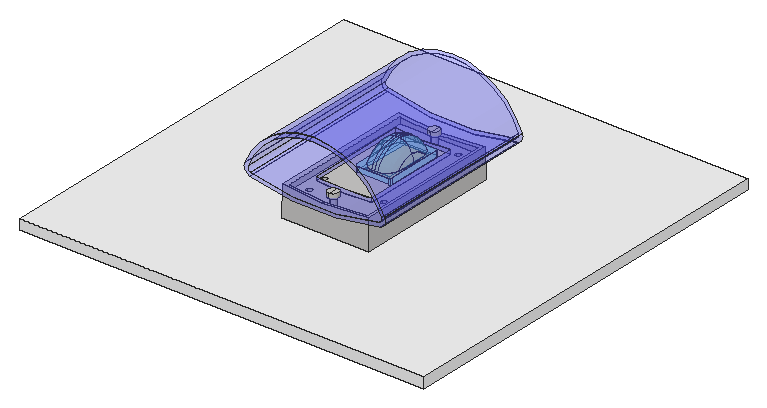
Revit family "BE_50065.2_de_DE", category Leuchten, Revit 2020
Family settings
  Basisbauteil = Fläche
  Bemaßung runder Anschluss = Durchmesser verwenden
  Teiletyp = Normal
  Beim Laden mit Abzugskörper schneiden = Ja
  Lichtquelle = Ja
  Gemeinsam genutzt = Nein
  Raumberechnungspunkt = Ja
Parameters (values of type "BEGA_50065.2_K3")
  built-in parameter 1150104 = 8.3613 (stored number, unit not read)
  Wattage = 12 W
  Default Elevation = 0 mm
  built-in parameter 1150113 = 1 (stored number, unit not read)
  built-in parameter 1114218 = 1 (stored number, unit not read)
  Umgebungstemperatur = "25 °C"
  URL = "https://www.bega.com/de/produkt/50065.2"
  Typenkommentare = "© 2022 BEGA. Wir behalten uns das Recht vor, technische Änderungen ohne vorherige Ankündigung vorzunehmen."  # constant formula
  built-in parameter 1150134 = (empty or 0)
  built-in parameter 1150109 = 1 (stored number, unit not read)
  Strom = ""
  built-in parameter 1150110 = 1 (stored number, unit not read)
  Spannung = 230 V
  Sonderanfertigung = no
  Seriennummer [instance] = "Hier können Sie die eindeutige Seriennummer für das Facility Management eintragen."
  Schutzklasse = "I"
  Schutzart = "IP 20"
  Scheinlast = 0 VA
  Produktdatenblatt = "https://cdn.bega.com/bega/products/50065.2K3/current/documents/data-sheets/de"
  Oberflächentemperatur = ""
  Neigungswinkel = 0.00°
  Modell = "50065.2K3"
  Material_17 = BEGA_Reflektor
  Material_15 = BEGA_Leuchtmedium_matt
  Material_12 = BEGA_Kunststoff_klar
  Material_11 = BEGA_Glas_opal
  Material_09 = BEGA_Glas_klar
  Material_06 = BEGA_Oberfläche_Edelstahl_gebürstet
  Material_05 = BEGA_Oberfläche_Aluminium Guss
  Material_03 = BEGA_Oberfläche_Weiss_matt
  Material_02 = BEGA_Oberfläche_Silber_matt
  Material_01 [instance] = BEGA_Oberfläche_Grafit_matt
  M_W = no
  M_G = no
  M_A = no
  Logo = 0
  built-in parameter 1114217 = 1 (stored number, unit not read)
  built-in parameter 1150139 = (empty or 0)
  built-in parameter 1150105 = 85.944 (stored number, unit not read)
  built-in parameter 1150114 = 1 (stored number, unit not read)
  Lumens = 1080 lm
  built-in parameter 1150115 = 1 (stored number, unit not read)
  Leuchtenlichtstrom = "538 lm"
  Leuchtenanzahl = ""
  Lebensdauerkriterien = "L70B50 @ 25 °C = 85000 h"
  Lastklassifizierung = Beleuchtung
  built-in parameter 1150112 = 1 (stored number, unit not read)
  Lampenlichtstrom = "660 lm"
  Lampe = "LED 7.4 W"
  LED_Modulbezeichnung = "LED-0662/930"
  Hersteller = "BEGA"  # constant formula
  Halbstreuwinkel = ""
  Gewicht = "0.8 kg"
  Gebrauchslageneinschränkung [instance] = ""
  Frequenz = "50/60 Hz"
  Farbwiedergabeindex = "CRI > 90"
  Farbtemperaturverschiebung bei Dämpfen der Lampe = <Keine Auswahl>
  Farbtemperatur = "3000 K"
  Color Filter = 16777215
  built-in parameter 1150133 = 10 (stored number, unit not read)
  Energieeffizienzklasse = "LED A++ - A"
  built-in parameter 1150137 = (empty or 0)
  built-in parameter 1150132 = (empty or 0)
  ENEC = "ja"
  Dimmbar [instance] = "on/off"
  Datei für fotometrisches Netz = "BE_50065.2K3.IES"
  CE_Konformität = "ja"
  Bestellnummer = "50065.2K3"
  Beschreibung_Sonderanfertigung = "Hier können Sie Informationen zur Sonderanfertigung eintragen."
  Beschreibung = "Wandleuchte"
  built-in parameter 1150106 = 0.85944 (stored number, unit not read)
  Befestigungsbohrung = "Ø 5 mm"
  Befestigungsabstand = "115 x 55 mm"
  Ballwurfsicher = ""
  BEGA_Intern_aus = yes
  BEGA_Intern_an = yes
  BEGA_Intern_Konstruktion = yes
  BEGA_Intern = yes
  BEGA_IES = yes
  BEGA_Dummy = no
  Anschlussleitung = ""
  Anschlussleistung [instance] = "7.4 W"
  Anschlusskasten = ""
  built-in parameter 1150107 = 3000 (stored number, unit not read)
  built-in parameter 1150102 = (empty or 0)
  built-in parameter 1150138 = (empty or 0)
  Aktualisierung = "2022-05-18T04:00:07"
  Abstand_zur_angestrahlten_Fläche [instance] = ""
  AC/DC = "AC"
Reference planes
  plane 1 "Mitte (Vorne/Hinten)": y = 0
  plane 2: z = 0
  plane 3 "Mitte (Links/Rechts)": x = 0
  plane 4 "Links": x = -70.001
  plane 5 "Rechts": x = 70.001
  plane 6 "Unten": y = -85
  plane 7 "Oben": y = 85
  plane 8 "Vorne": z = 91.192
  plane 9 "Hinten": z = 0
Forms (mm)
  Extrusion 1, solid, material "BEGA_Platte_Weiss"
    sketch origin (0, -1119.2, 0) x (1, 0, 0) y (0, 1, 0)
      loop
        line (-200, 1319.2) -> (-200, 919.2) -> (200, 919.2) -> (200, 1319.2) -> (-200, 1319.2)
    from 0 to -10
  Extrusion 2, solid, material "BEGA_Dummy_matt", visible <- "BEGA_Dummy"
    sketch origin (80.095, -76.023, 0) x (1, 0, 0) y (0, 1, 0)
      loop
        line (-150.096, 161.023) -> (-150.096, -8.977) -> (-10.095, -8.977) -> (-10.095, 161.023) -> (-150.096, 161.023)
    from 0 to 91.192
Dimensions and locks
  plane 1 "Mitte (Vorne/Hinten)" to Extrusion 1 = 200 mm
  aligned and locked: plane 2 to Extrusion 1
  aligned and locked: level to Extrusion 1
Nested families
  nested 1: "BE_50065.2" at (0, 0, 0), type "BE_50065.2"
Connectors
  electrical at (0, 0, 0), driven by "Lastklassifizierung", driven by "Spannung", driven by "Scheinlast"
    settings: index 1, voltage 230 V, apparent load 0 VA, apparent load phase1 0 VA, apparent load phase2 0 VA, apparent load phase3 0 VA, power factor 1, load classification "Beleuchtung", number of poles 1, system type 31, power factor state 1, is connector primary yes, connector utility no, sub classification motor no, connector description ""
Definition of nested family "BE_50065.2"
  Parameters (values of type "BE_50065.2")
    Default Elevation = 1 mm
    URL = "http://www.bega.de/de/produkt"
    Type Comments = "© 2015 BEGA. Wir behalten uns das Recht vor, technische Änderungen ohne vorherige Ankündigung vorzunehmen. "  # constant formula
    Type Image = (empty or 0)
    Neigungswinkel_um_Z2 = 0.00°
    Neigungswinkel_um_Z1 = 0.00°
    Neigungswinkel_um_Y2 = 0.00°
    Neigungswinkel_um_Y1 = 0.00°
    Neigungswinkel_um_X2 = 0.00°
    Neigungswinkel_um_X1 = 0.00°
    Material_17 = none
    Material_15 = none
    Material_12 = none
    Material_11 = none
    Material_09 = none
    Material_06 = none
    Material_05 = none
    Material_03 = none
    Material_02 = none
    Material_01 = none
    M_W = yes
    M_G = yes
    M_A = yes
    Länge_Platte = 200 mm  # constant formula
    Höhe_Platte = -10 mm  # constant formula
    Manufacturer = "BEGA"  # constant formula
    Drehwinkel_um_Z2 = 0.00°
    Drehwinkel_um_Z1 = 0.00°
    Breite_Platte = 300 mm  # constant formula
  Reference planes
    plane 1 "Mitte (Oben/Unten)": y = 0
    plane 2: z = 0
    plane 3 "Mitte (Links/Rechts)": x = 0
    plane 4: x = -70.001
    plane 5: z = 91.192
    plane 6: x = 70.001
    plane 7: y = -85
    plane 8: y = 85
  Forms (mm)
    Extrusion 1, solid, detail levels medium
      sketch origin (0, 0, 0) x (1, 0, 0) y (0, 1, 0)
        loop
          line (-100, 150) -> (-100, -150) -> (100, -150) -> (100, 150) -> (-100, 150)
      from 0 to -10 <- "Höhe_Platte"
    Sweep 2, solid, material <- "Material_06", detail levels medium+fine
      path origin (0, 0, 0) x (1, 0, 0) y (0, 1, 0)
        loop
          line (-43, 72.5) -> (-43, -72.5) -> (43, -72.5) -> (43, 72.5) -> (-43, 72.5)
      profile origin (-43, 0, 0) x (1, 0, 0) y (0, 0, 1)
        loop
          line (0, 0) -> (3, 0) -> (3.49, 14.036)
          arc (3.49, 14.036) -> (3.795, 14.72) -> (4.49, 15) r 1
          line (4.49, 15) -> (41.372, 15) -> (41.372, 23) -> (4.066, 23) -> (3.834, 29.636) -> (0.517, 29.636) -> (0, 0)
    Extrusion 3, void
      sketch origin (0, 0, 0) x (1, 0, 0) y (0, 1, 0)
        loop
          circle (27.5, 57.5) r 2.605
        loop
          circle (-27.5, -57.5) r 2.605
        loop
          circle (29.5, -36.5) r 2.518
        loop
          circle (-29.5, -36.5) r 2.518
      from -0.512 to 23.779
    Extrusion 4, solid, material <- "Material_06", detail levels medium+fine
      sketch origin (0, 0, 0) x (1, 0, 0) y (0, 0, 1)
        loop
          line (-2.307, 23) -> (-2.307, 15) -> (3.665, 15) -> (3.665, 23) -> (-2.307, 23)
      from -31.128 to 31.128
    Revolve 5, solid, material <- "Material_06", detail levels medium+fine
      sketch origin (0, -57.5, 0) x (1, 0, 0) y (0, 0, 1)
        loop
          line (-35.973, 14.036) -> (-35.567, 2.43)
          arc (-35.567, 2.43) -> (-34.958, 1.061) -> (-33.569, 0.5) r 2
          line (-33.569, 0.5) -> (-27.5, 0.5) -> (-27.5, 15) -> (-36.972, 15)
          arc (-36.972, 15) -> (-36.278, 14.72) -> (-35.973, 14.036) r 1
        axis (-27.5, 15) -> (-27.5, 0.5)
      angle from 0 to 360
    Revolve 6, solid, material <- "Material_06", detail levels medium+fine
      sketch origin (55, 57.5, 0) x (1, 0, 0) y (0, 0, 1)
        loop
          line (-35.973, 14.036) -> (-35.567, 2.43)
          arc (-35.567, 2.43) -> (-34.958, 1.061) -> (-33.569, 0.5) r 2
          line (-33.569, 0.5) -> (-27.5, 0.5) -> (-27.5, 15) -> (-36.972, 15)
          arc (-36.972, 15) -> (-36.278, 14.72) -> (-35.973, 14.036) r 1
        axis (-27.5, 15) -> (-27.5, 0.5)
      angle from 0 to 360
    Extrusion 7, void
      sketch origin (0, 0, 0) x (1, 0, 0) y (0, 0, 1)
        loop
          arc (-4.714, 26.037) -> (30.154, 27.818) -> (64.433, 34.438) r 250
          line (64.433, 34.438) -> (-64.433, 34.438)
          arc (-64.433, 34.438) -> (-34.828, 28.43) -> (-4.714, 26.037) r 250
      from -73.108 to 73.987
    Revolve 8, solid, material <- "Material_12", detail levels medium+fine
      sketch origin (0, 16.717, 0) x (1, 0, 0) y (0, 0, 1)
        loop
          arc (-2.803, 47.359) -> (-10.163, 43.923) -> (-14.774, 37.236) r 15.5
          arc (-14.774, 37.236) -> (-15.878, 32.98) -> (-16.25, 28.6) r 26.067
          line (-16.25, 28.6) -> (16.25, 28.6)
          arc (16.25, 28.6) -> (15.878, 32.98) -> (14.774, 37.236) r 26.067
          arc (14.774, 37.236) -> (10.163, 43.923) -> (2.803, 47.359) r 15.5
          arc (2.803, 47.359) -> (1.407, 47.54) -> (0, 47.6) r 16.458
          arc (0, 47.6) -> (-1.406, 47.54) -> (-2.803, 47.359) r 16.458
        axis (-16.25, 16.6) -> (16.25, 16.6)
      angle from 0 to 360
    Extrusion 9, void
      sketch origin (0, 0, 0) x (1, 0, 0) y (0, 0, 1)
        loop
          line (-16.793, 29.077) -> (-16.793, -16.4) -> (17.03, -16.4) -> (17.03, 29.077) -> (-16.793, 29.077)
      from -48.985 to 15.965
    Extrusion 10, solid, material <- "Material_12", detail levels medium+fine
      sketch origin (0, 0, 0) x (1, 0, 0) y (0, 1, 0)
        loop
          arc (-15.275, 46.214) -> (-16.213, 46.031) -> (-17.013, 45.508) r 2.489
          arc (-17.013, 45.508) -> (-17.532, 44.71) -> (-17.714, 43.775) r 2.489
          line (-17.714, 43.775) -> (-17.714, -10.775)
          arc (-17.714, -10.775) -> (-17.532, -11.71) -> (-17.012, -12.508) r 2.489
          arc (-17.012, -12.508) -> (-16.213, -13.03) -> (-15.275, -13.214) r 2.489
          line (-15.275, -13.214) -> (15.273, -13.214)
          arc (15.273, -13.214) -> (16.212, -13.031) -> (17.012, -12.508) r 2.489
          arc (17.012, -12.508) -> (17.532, -11.71) -> (17.714, -10.775) r 2.489
          line (17.714, -10.775) -> (17.714, 43.775)
          arc (17.714, 43.775) -> (17.532, 44.71) -> (17.013, 45.507) r 2.489
          arc (17.013, 45.507) -> (16.213, 46.03) -> (15.275, 46.214) r 2.489
          line (15.275, 46.214) -> (-15.275, 46.214)
      from 23 to 29.077
    Extrusion 11, solid, material <- "Material_11", detail levels medium+fine
      sketch origin (0, 0, 0) x (1, 0, 0) y (0, 0, 1)
        loop
          arc (-69.445, 44.516) -> (-69.18, 38.273) -> (-64.279, 34.397) r 7.5
          arc (-64.279, 34.397) -> (0.08, 25.993) -> (64.433, 34.438) r 250
          arc (64.433, 34.438) -> (69.216, 38.346) -> (69.445, 44.519) r 7.5
          arc (69.445, 44.519) -> (-0.001, 91.192) -> (-69.445, 44.516) r 75
        loop
          arc (-65.741, 43.006) -> (-65.614, 40.086) -> (-63.316, 38.28) r 3.5
          arc (-63.316, 38.28) -> (0.045, 29.993) -> (63.402, 38.303) r 246
          arc (63.402, 38.303) -> (65.634, 40.127) -> (65.741, 43.008) r 3.5
          arc (65.741, 43.008) -> (-0.001, 87.191) -> (-65.741, 43.006) r 71
      from -85 to 85
    Extrusion 12, solid, material <- "Material_15", detail levels medium+fine
      sketch origin (0, 0, 0) x (1, 0, 0) y (0, 1, 0)
        loop
          line (-11.5, 40.3) -> (-11.5, -7.3) -> (11.5, -7.3) -> (11.5, 40.3) -> (-11.5, 40.3)
      from 25.258 to 26.343
    Extrusion 13, void
      sketch origin (0, 0, 0) x (1, 0, 0) y (0, 1, 0)
        loop
          line (27.157, 48.657) -> (-27.157, 48.657) -> (-27.157, -48.657) -> (27.157, -48.657) -> (27.157, 48.657)
      from 24.301 to 35.745
    Revolve 14, solid, material <- "Material_06", detail levels fine
      sketch origin (0, 0, 0) x (0, 1, 0) y (0, 0, 1)
        loop
          line (-62.5, 34) -> (-62.5, 18) -> (-59.5, 18) -> (-59.5, 30.07) -> (-57.515, 30.07) -> (-57.515, 34) -> (-62.5, 34)
        axis (-62.5, 34) -> (-62.5, 18)
      angle from 0 to 360
    Revolve 15, solid, material <- "Material_06", detail levels fine
      sketch origin (0, 0, 0) x (0, -1, 0) y (0, 0, 1)
        loop
          line (-62.5, 34) -> (-62.5, 18) -> (-59.5, 18) -> (-59.5, 30.07) -> (-57.515, 30.07) -> (-57.515, 34) -> (-62.5, 34)
        axis (-62.5, 34) -> (-62.5, 18)
      angle from 0 to 360
  Cuts and joins
    Extrusion 3, Extrusion 7, Extrusion 13 cuts Sweep 2
    Extrusion 7, Extrusion 13 cuts Extrusion 4
    Extrusion 3, Extrusion 7, Extrusion 13 cuts Revolve 5
    Extrusion 3, Extrusion 13 cuts Revolve 6
    joined: Sweep 2, Extrusion 4, Revolve 5, Revolve 6
    Extrusion 9 cuts Revolve 8
    joined: Revolve 8, Extrusion 10
    Extrusion 13 cuts Extrusion 11
  Dimensions and locks
    equal spacing: Extrusion 1 sketch curve, plane 3 "Mitte (Links/Rechts)", Extrusion 1 sketch curve
    equal spacing: Extrusion 1 sketch curve, plane 1 "Mitte (Oben/Unten)", Extrusion 1 sketch curve
    "Länge_Platte": Extrusion 1 sketch curve to Extrusion 1 sketch curve
    "Breite_Platte": Extrusion 1 sketch curve to Extrusion 1 sketch curve
    aligned and locked: Extrusion 1 to plane 2
    aligned and locked: level to Extrusion 1
  Automatic sketch dimensions
    Sweep 2 sketch curve to plane 3 "Mitte (Links/Rechts)" = 43 mm
    plane 3 "Mitte (Links/Rechts)" to Sweep 2 sketch curve = 43 mm
    Sweep 2 sketch curve to level = 0 mm
    profile plane to Sweep 2 sketch curve = 0 mm
    Sweep 2 sketch curve to profile plane = 0.517 mm
    Sweep 2 sketch curve to profile plane = 3 mm
    Sweep 2 sketch curve to profile plane = 3.49 mm
    Sweep 2 sketch curve to Sweep 2 sketch curve = 3.317 mm
    Sweep 2 sketch curve to profile plane = 4.066 mm
    Sweep 2 sketch curve to Sweep 2 sketch curve = 0.999 mm
    level to Sweep 2 sketch curve = 15 mm
    Sweep 2 sketch curve to Sweep 2 sketch curve = 36.883 mm
    Sweep 2 sketch curve to Sweep 2 sketch curve = 1 mm
    Sweep 2 sketch curve to Sweep 2 sketch curve = 8 mm
    Sweep 2 sketch curve to Sweep 2 sketch curve = 6.636 mm
    Extrusion 3 sketch curve to plane 3 "Mitte (Links/Rechts)" = 29.5 mm
    Extrusion 3 sketch curve to Extrusion 3 sketch curve = 2 mm
    plane 3 "Mitte (Links/Rechts)" to Extrusion 3 sketch curve = 27.5 mm
    plane 3 "Mitte (Links/Rechts)" to Extrusion 3 sketch curve = 29.5 mm
    plane 1 "Mitte (Oben/Unten)" to Extrusion 3 sketch curve = 57.5 mm
    plane 1 "Mitte (Oben/Unten)" to Extrusion 3 sketch curve = 36.5 mm
    Extrusion 3 sketch curve to Extrusion 3 sketch curve = 21 mm
    Extrusion 3 sketch curve to plane 1 "Mitte (Oben/Unten)" = 57.5 mm
    Extrusion 4 sketch curve to plane 3 "Mitte (Links/Rechts)" = 2.307 mm
    plane 3 "Mitte (Links/Rechts)" to Extrusion 4 sketch curve = 3.665 mm
    level to Extrusion 4 sketch curve = 15 mm
    Extrusion 4 sketch curve to Extrusion 4 sketch curve = 8 mm
    level to Revolve 5 sketch curve = 14 mm
    Revolve 5 sketch curve to plane 3 "Mitte (Links/Rechts)" = 36.972 mm
    level to Revolve 5 sketch curve = 14.036 mm
    Revolve 5 sketch curve to Revolve 5 sketch curve = 0.999 mm
    level to Revolve 5 sketch curve = 0.5 mm
    Revolve 5 sketch curve to Revolve 5 sketch curve = 2.404 mm
    Revolve 5 sketch curve to Revolve 5 sketch curve = 6.069 mm
    Revolve 5 sketch curve to Revolve 5 sketch curve = 2 mm  (x2)
    Revolve 5 sketch curve to Revolve 5 sketch curve = 0.964 mm
    Revolve 5 sketch curve to Revolve 5 sketch curve = 0 mm  (x3)
    level to Revolve 5 sketch curve = 2.43 mm
    Revolve 5 sketch curve to Revolve 5 sketch curve = 1.999 mm
    Revolve 5 sketch curve to level = 1.5 mm
    plane 3 "Mitte (Links/Rechts)" to Revolve 6 sketch curve = 18.028 mm
    Revolve 6 sketch curve to Revolve 6 sketch curve = 0.999 mm
    level to Revolve 6 sketch curve = 0.5 mm
    Revolve 6 sketch curve to Revolve 6 sketch curve = 2.404 mm
    Revolve 6 sketch curve to Revolve 6 sketch curve = 6.069 mm
    Revolve 6 sketch curve to Revolve 6 sketch curve = 2 mm  (x2)
    Revolve 6 sketch curve to Revolve 6 sketch curve = 11.5 mm
    Revolve 6 sketch curve to Revolve 6 sketch curve = 0.036 mm
    Revolve 6 sketch curve to Revolve 6 sketch curve = 0.964 mm
    Revolve 6 sketch curve to Revolve 6 sketch curve = 0 mm  (x3)
    level to Revolve 6 sketch curve = 2.43 mm
    Revolve 6 sketch curve to Revolve 6 sketch curve = 1.999 mm
    Revolve 6 sketch curve to level = 1.5 mm
    Extrusion 7 sketch curve to Extrusion 7 sketch curve = 0 mm  (x3)
    Extrusion 7 sketch curve to plane 3 "Mitte (Links/Rechts)" = 0 mm
    level to Extrusion 7 sketch curve = 34.438 mm
    Extrusion 7 sketch curve to plane 3 "Mitte (Links/Rechts)" = 4.714 mm
    Revolve 8 sketch curve to plane 3 "Mitte (Links/Rechts)" = 0 mm  (x2)
    Revolve 8 sketch curve to plane 3 "Mitte (Links/Rechts)" = 0.001 mm
    Revolve 8 sketch curve to plane 3 "Mitte (Links/Rechts)" = 0.154 mm
    Revolve 8 sketch curve to plane 3 "Mitte (Links/Rechts)" = 9.816 mm
    Revolve 8 sketch curve to Revolve 8 sketch curve = 6.434 mm  (x2)
    plane 3 "Mitte (Links/Rechts)" to Revolve 8 sketch curve = 0.001 mm
    plane 3 "Mitte (Links/Rechts)" to Revolve 8 sketch curve = 0.154 mm
    plane 3 "Mitte (Links/Rechts)" to Revolve 8 sketch curve = 9.816 mm
    level to Revolve 8 sketch curve = 28.588 mm
    Revolve 8 sketch curve to Revolve 8 sketch curve = 0 mm  (x6)
    Revolve 8 sketch curve to Revolve 8 sketch curve = 0.012 mm
    Revolve 8 sketch curve to Revolve 8 sketch curve = 2.554 mm
    Revolve 8 sketch curve to Revolve 8 sketch curve = 0.945 mm
    Revolve 8 sketch curve to plane 3 "Mitte (Links/Rechts)" = 2.803 mm
    Revolve 8 sketch curve to Revolve 8 sketch curve = 1.476 mm  (x2)
    plane 3 "Mitte (Links/Rechts)" to Revolve 8 sketch curve = 2.803 mm
    plane 3 "Mitte (Links/Rechts)" to Revolve 8 sketch curve = 5 mm
    Revolve 8 sketch curve to Revolve 8 sketch curve = 11.988 mm
    Extrusion 9 sketch curve to plane 3 "Mitte (Links/Rechts)" = 16.793 mm
    plane 3 "Mitte (Links/Rechts)" to Extrusion 9 sketch curve = 17.03 mm
    Extrusion 9 sketch curve to level = 16.4 mm
    level to Extrusion 9 sketch curve = 29.077 mm
    Extrusion 10 sketch curve to plane 3 "Mitte (Links/Rechts)" = 15.276 mm  (x2)
    Extrusion 10 sketch curve to Extrusion 10 sketch curve = 0.051 mm  (x11)
    plane 3 "Mitte (Links/Rechts)" to Extrusion 10 sketch curve = 15.225 mm  (x2)
    Extrusion 10 sketch curve to Extrusion 10 sketch curve = 0.049 mm
    plane 1 "Mitte (Oben/Unten)" to Extrusion 10 sketch curve = 13.214 mm
    Extrusion 10 sketch curve to Extrusion 10 sketch curve = 2.438 mm  (x2)
    Extrusion 10 sketch curve to plane 1 "Mitte (Oben/Unten)" = 43.725 mm
    Extrusion 10 sketch curve to Extrusion 10 sketch curve = 0 mm  (x12)
    Extrusion 10 sketch curve to Extrusion 10 sketch curve = 1.737 mm  (x5)
    Extrusion 10 sketch curve to Extrusion 10 sketch curve = 0.702 mm  (x2)
    Extrusion 10 sketch curve to Extrusion 10 sketch curve = 0.701 mm  (x2)
    Extrusion 10 sketch curve to Extrusion 10 sketch curve = 1.739 mm
    Extrusion 11 sketch curve to Extrusion 11 sketch curve = 0 mm  (x17)
    Extrusion 11 sketch curve to plane 3 "Mitte (Links/Rechts)" = 0 mm
    plane 3 "Mitte (Links/Rechts)" to Extrusion 11 sketch curve = 0 mm
    level to Extrusion 11 sketch curve = 16.191 mm
    level to Extrusion 11 sketch curve = 41.684 mm
    Extrusion 11 sketch curve to Extrusion 11 sketch curve = 0.815 mm
    Extrusion 11 sketch curve to Extrusion 11 sketch curve = 0.963 mm
    Extrusion 11 sketch curve to Extrusion 11 sketch curve = 3.241 mm  (x2)
    Extrusion 11 sketch curve to Extrusion 11 sketch curve = 3.704 mm
    Extrusion 11 sketch curve to Extrusion 11 sketch curve = 0.902 mm
    Extrusion 11 sketch curve to Extrusion 11 sketch curve = 1.031 mm
    Extrusion 11 sketch curve to Extrusion 11 sketch curve = 3.703 mm
    Extrusion 11 sketch curve to Extrusion 11 sketch curve = 0.001 mm
    Extrusion 12 sketch curve to plane 3 "Mitte (Links/Rechts)" = 11.5 mm
    plane 3 "Mitte (Links/Rechts)" to Extrusion 12 sketch curve = 11.5 mm
    plane 1 "Mitte (Oben/Unten)" to Extrusion 12 sketch curve = 7.3 mm
    Extrusion 12 sketch curve to plane 1 "Mitte (Oben/Unten)" = 40.3 mm
    Extrusion 13 sketch curve to plane 3 "Mitte (Links/Rechts)" = 27.157 mm
    plane 3 "Mitte (Links/Rechts)" to Extrusion 13 sketch curve = 27.157 mm
    plane 1 "Mitte (Oben/Unten)" to Extrusion 13 sketch curve = 48.657 mm
    Extrusion 13 sketch curve to plane 1 "Mitte (Oben/Unten)" = 48.657 mm
    Revolve 14 sketch curve to Revolve 14 sketch curve = 3 mm
    Revolve 14 sketch curve to Revolve 14 sketch curve = 1.985 mm
    level to Revolve 14 sketch curve = 18 mm
    Revolve 14 sketch curve to Revolve 14 sketch curve = 12.07 mm
    Revolve 14 sketch curve to Revolve 14 sketch curve = 3.93 mm
    Revolve 14 sketch curve to Revolve 14 sketch curve = 0 mm  (x2)
    Revolve 14 sketch curve to Revolve 14 sketch curve = 0.722 mm
    Revolve 15 sketch curve to Revolve 15 sketch curve = 3 mm
    Revolve 15 sketch curve to Revolve 15 sketch curve = 1.985 mm
    Revolve 15 sketch curve to level = 18 mm
    Revolve 15 sketch curve to Revolve 15 sketch curve = 12.07 mm
    Revolve 15 sketch curve to Revolve 15 sketch curve = 3.93 mm
    Revolve 15 sketch curve to Revolve 15 sketch curve = 0 mm  (x2)
    Revolve 15 sketch curve to Revolve 15 sketch curve = 0.722 mm
    Extrusion 7 sketch curve to Extrusion 7 sketch curve = 59.719 mm
    Extrusion 11 sketch curve to plane 3 "Mitte (Links/Rechts)" = 62.5 mm
    plane 3 "Mitte (Links/Rechts)" to Extrusion 11 sketch curve = 62.5 mm
    Extrusion 7 sketch curve to Extrusion 7 sketch curve = 241.554 mm
    Extrusion 11 sketch curve to Extrusion 11 sketch curve = 1.323 mm
    Extrusion 11 sketch curve to Extrusion 11 sketch curve = 231.473 mm
    plane 1 "Mitte (Oben/Unten)" to Sweep 2 sketch curve = 72.5 mm
    plane 1 "Mitte (Oben/Unten)" to Revolve 14 sketch curve = 62.5 mm
    plane 8 to Sweep 2 sketch curve = 12.5 mm
    Revolve 15 sketch curve to plane 8 = 22.5 mm
    radius of Extrusion 3 sketch curve = 2.605 mm  (x2)
    radius of Extrusion 3 sketch curve = 2.518 mm  (x2)
